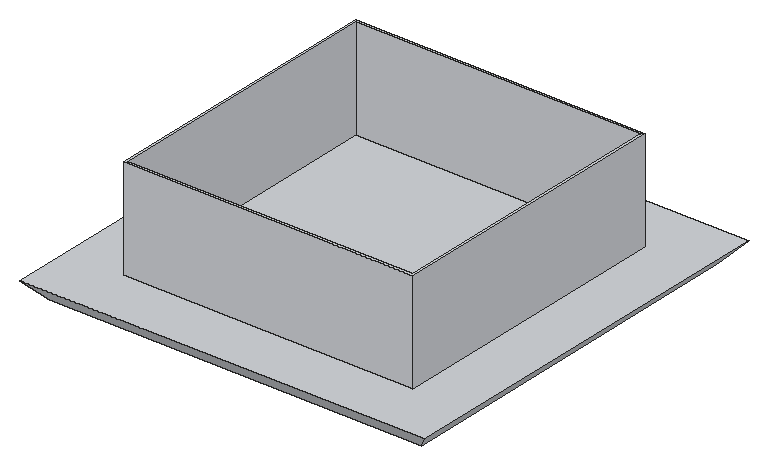
Revit family
Parameters (values of type "SV432 08x08")
  URL = "http:\\\\www.anemostat.com"
  Type Comments = "Special Sizes Available Upon Request"
  Neck Width = Duct Width - 1/8"  # 7 7/8"
  Neck Height = Duct Height - 1/8"  # 7 7/8"
  Model = "SV432"
  Manufacturer = "Anemostat"
  Inlet Depth = 2 3/4"
  Duct Width = 8"
  Duct Height = 8"
  Description = "Steel Maximum Securtity Diffuser"
  Damper Note = ""
Types (11): name | Neck Width | Neck Height | Inlet Depth | Duct Width | Duct Height | Damper Note
  (no name) | 7 7/8" | 7 7/8" | 2 3/4" | 8" | 8" | ""
  SV432 08x08 | 7 7/8" | 7 7/8" | 2 3/4" | 8" | 8" | ""
  SV432 12x12 | 11 7/8" | 11 7/8" | 2 3/4" | 12" | 12" | ""
  SV432 16x16 | 15 7/8" | 15 7/8" | 2 3/4" | 16" | 16" | ""
  SV432 20x20 | 19 7/8" | 19 7/8" | 2 3/4" | 20" | 20" | ""
  SV432 24x24 | 23 7/8" | 23 7/8" | 2 3/4" | 24" | 24" | ""
  SV432 08x08 with Opposed Blade Damper | 7 7/8" | 7 7/8" | 5" | 8" | 8" | "Shipped Loose, Rear Operated"
  SV432 12x12 with Opposed Blade Damper | 11 7/8" | 11 7/8" | 5" | 12" | 12" | "Shipped Loose, Rear Operated"
  SV432 16x16 with Opposed Blade Damper | 15 7/8" | 15 7/8" | 5" | 16" | 16" | "Shipped Loose, Rear Operated"
  SV432 20x20 with Opposed Blade Damper | 19 7/8" | 19 7/8" | 5" | 20" | 20" | "Shipped Loose, Rear Operated"
  SV432 24x24 with Opposed Blade Damper | 23 7/8" | 23 7/8" | 5" | 24" | 24" | "Shipped Loose, Rear Operated"
Reference planes (in)
  plane 1 "Center (Front/Back)": y = 0
  plane 2: z = 0
  plane 3 "Center (Left/Right)": x = 0
  plane 4: x = -3.9375
  plane 5: x = 3.9375
  plane 6: y = 3.9375
  plane 7: y = -3.9375
  plane 8: x = -5.5
  plane 9: x = 5.5
  plane 10: y = 5.5
  plane 11: y = -5.5
  plane 12 "Diffuser Face": z = -0.5
Forms (in)
  Blend 1, solid
    base sketch origin (0, 0, 0) x (1, 0, 0) y (0, 1, 0)
      loop
        line (-5.5, 5.5) -> (-5.5, -5.5) -> (5.5, -5.5) -> (5.5, 5.5) -> (-5.5, 5.5)
    top sketch origin (0, 0, -0.5) x (-1, 0, 0) y (0, -1, 0)
      loop
        line (5.059, -5.059) -> (5.059, 5.059) -> (-5.059, 5.059) -> (-5.059, -5.059) -> (5.059, -5.059)
    from 0 to 0
  Extrusion 2, solid
    sketch origin (0, 0, 0) x (1, 0, 0) y (0, 1, 0)
      loop
        line (-3.9375, 3.9375) -> (-3.9375, -3.9375) -> (3.9375, -3.9375) -> (3.9375, 3.9375) -> (-3.9375, 3.9375)
    from 0 to 2.75 <- "Inlet Depth"
  Extrusion 3, void
    sketch origin (0, 0, 0) x (1, 0, 0) y (0, 1, 0)
      loop
        line (-3.8735, 3.8735) -> (-3.8735, -3.8735) -> (3.8735, -3.8735) -> (3.8735, 3.8735) -> (-3.8735, 3.8735)
    from 0 to 2.75 <- "Inlet Depth"
Cuts and joins
  Extrusion 3 cuts Blend 1
  Extrusion 3 cuts Extrusion 2
Dimensions and locks (in)
  locked: plane 7 to plane 11 at 1.5625
  locked: plane 10 to plane 6 at 1.5625
  locked: plane 8 to plane 4 at 1.5625
  locked: plane 5 to plane 9 at 1.5625
  equal spacing: plane 4, plane 3 "Center (Left/Right)", plane 5
  "Neck Width": plane 4 to plane 5
  equal spacing: plane 6, plane 1 "Center (Front/Back)", plane 7
  "Neck Height": plane 6 to plane 7
  aligned and locked: plane 8 to Blend 1 sketch curve
  aligned and locked: Blend 1 sketch curve to plane 10
  aligned and locked: plane 11 to Blend 1 sketch curve
  aligned and locked: Blend 1 sketch curve to plane 9
  aligned and locked: Blend 1 to plane 12 "Diffuser Face"
  aligned and locked: plane 4 to Extrusion 2 sketch curve
  aligned and locked: Extrusion 2 sketch curve to plane 6
  aligned and locked: plane 7 to Extrusion 2 sketch curve
  aligned and locked: Extrusion 2 sketch curve to plane 5
Automatic sketch dimensions
  Blend 1 sketch curve to plane 9 = 0.441"
  plane 8 to Blend 1 sketch curve = 0.441"
  Blend 1 sketch curve to plane 10 = 0.441"
  plane 11 to Blend 1 sketch curve = 0.441"
  plane 4 to Extrusion 3 sketch curve = 0.064"
  Extrusion 3 sketch curve to plane 5 = 0.064"
  plane 7 to Extrusion 3 sketch curve = 0.064"
  Extrusion 3 sketch curve to plane 6 = 0.064"
Connectors (in)
  hvac at (0, 0, 2.75), driven by "Duct Height", driven by "Duct Width"
    settings: on cut or joined group of Extrusion 2, Extrusion 3, index 1
